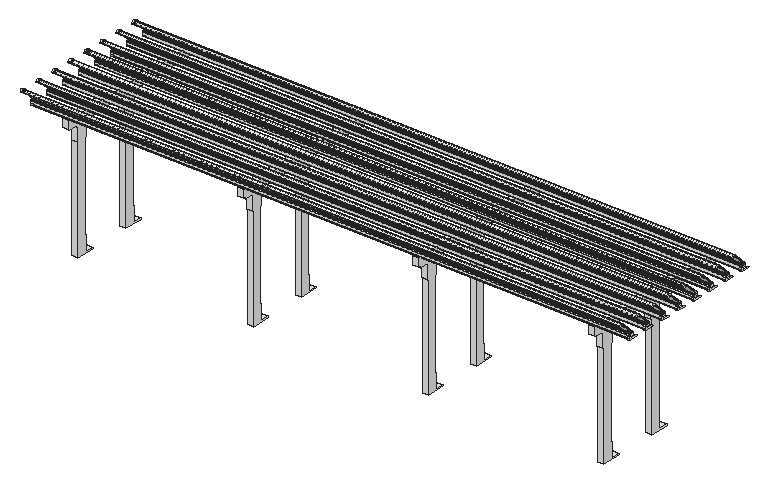
Revit family "Windows_Blinds_Nimex_Solovent_CL1100", category Specialty Equipment, host Face, Revit 2018 (continued)
Definition of nested family "CL1100_800"
  Lines and regions (mm)
    symbolic lines, detail levels fine
      curve 56: arc (0, 749.382, 725.144) -> (0, 749.297, 725.578) -> (0, 749.053, 725.947) r 1.144
      curve 57: line (0, 749.382, 724.352) -> (0, 749.382, 725.144)
      curve 58: arc (0, 749.687, 723.615) -> (0, 749.462, 723.953) -> (0, 749.382, 724.352) r 1.042
      curve 59: line (0, 804.085, 669.218) -> (0, 749.687, 723.615)
      curve 60: arc (0, 804.792, 668.925) -> (0, 804.409, 669.001) -> (0, 804.085, 669.218) r 1
      curve 61: line (0, 805.589, 668.925) -> (0, 804.792, 668.925)
      curve 62: arc (0, 806.418, 668.582) -> (0, 806.038, 668.836) -> (0, 805.589, 668.925) r 1.171
      curve 63: arc (0, 808.157, 665.242) -> (0, 808.201, 666.367) -> (0, 807.651, 667.349) r 2.073
      curve 64: line (0, 804.496, 653.975) -> (0, 808.157, 665.242)
      curve 65: arc (0, 807.862, 667.138) -> (0, 809.929, 659.597) -> (0, 804.496, 653.975) r 7.896
      curve 66: line (0, 797.412, 637) -> (0, 833.314, 637)
      curve 67: arc (0, 795.314, 639.099) -> (0, 795.928, 637.615) -> (0, 797.412, 637) r 2.099
      curve 68: line (0, 795.314, 639.099) -> (0, 795.314, 640)
      curve 78: line (0, 633.014, 720.725) -> (0, 633.792, 721.451)
      curve 93: line (0, 633.826, 722.251) -> (0, 633.12, 723.064)
      curve 94: line (0, 633.969, 723.178) -> (0, 634.427, 722.513)
      curve 95: arc (0, 634.33, 723.972) -> (0, 633.975, 723.654) -> (0, 633.969, 723.178) r 0.593
      curve 96: arc (0, 633.12, 723.064) -> (0, 638.109, 730.158) -> (0, 646.602, 728.398) r 7.9
      curve 97: line (0, 645.726, 727.709) -> (0, 634.33, 723.972)
      curve 98: line (0, 646.602, 728.398) -> (0, 707.862, 667.138)
      curve 99: arc (0, 647.782, 727.218) -> (0, 646.823, 727.754) -> (0, 645.726, 727.709) r 2.018
      curve 100: arc (0, 649.382, 725.144) -> (0, 649.297, 725.578) -> (0, 649.053, 725.947) r 1.144
      curve 101: line (0, 649.382, 724.352) -> (0, 649.382, 725.144)
      curve 102: arc (0, 649.687, 723.615) -> (0, 649.462, 723.953) -> (0, 649.382, 724.352) r 1.042
      curve 103: line (0, 704.085, 669.218) -> (0, 649.687, 723.615)
      curve 104: arc (0, 704.792, 668.925) -> (0, 704.409, 669.001) -> (0, 704.085, 669.218) r 1
      curve 105: line (0, 705.589, 668.925) -> (0, 704.792, 668.925)
      curve 106: arc (0, 706.418, 668.582) -> (0, 706.038, 668.836) -> (0, 705.589, 668.925) r 1.171
      curve 107: arc (0, 708.157, 665.242) -> (0, 708.201, 666.367) -> (0, 707.651, 667.349) r 2.073
      curve 108: line (0, 704.496, 653.975) -> (0, 708.157, 665.242)
      curve 109: arc (0, 707.862, 667.138) -> (0, 709.929, 659.597) -> (0, 704.496, 653.975) r 7.896
      curve 110: line (0, 697.412, 637) -> (0, 733.314, 637)
      curve 111: arc (0, 695.314, 639.099) -> (0, 695.928, 637.615) -> (0, 697.412, 637) r 2.099
      curve 112: line (0, 695.314, 639.099) -> (0, 695.314, 640)
      curve 114: line (0, 733.314, 637) -> (0, 733.314, 640)
      curve 116: arc (0, 634.427, 722.513) -> (0, 634.507, 722.123) -> (0, 634.282, 721.795) r 0.51
      curve 117: arc (0, 633.792, 721.451) -> (0, 633.973, 721.844) -> (0, 633.826, 722.251) r 0.57
      curve 118: line (0, 634.282, 721.795) -> (0, 633.365, 721.052)
      curve 126: line (0, 533.014, 720.725) -> (0, 533.792, 721.451)
      curve 141: line (0, 533.826, 722.251) -> (0, 533.12, 723.064)
      curve 142: line (0, 533.969, 723.178) -> (0, 534.427, 722.513)
      curve 143: arc (0, 534.33, 723.972) -> (0, 533.975, 723.654) -> (0, 533.969, 723.178) r 0.593
      curve 144: arc (0, 533.12, 723.064) -> (0, 538.109, 730.158) -> (0, 546.602, 728.398) r 7.9
      curve 145: line (0, 545.726, 727.709) -> (0, 534.33, 723.972)
      curve 146: line (0, 546.602, 728.398) -> (0, 607.862, 667.138)
      curve 147: arc (0, 547.782, 727.218) -> (0, 546.823, 727.754) -> (0, 545.726, 727.709) r 2.018
      curve 148: arc (0, 549.382, 725.144) -> (0, 549.297, 725.578) -> (0, 549.053, 725.947) r 1.144
      curve 149: line (0, 549.382, 724.352) -> (0, 549.382, 725.144)
      curve 150: arc (0, 549.687, 723.615) -> (0, 549.462, 723.953) -> (0, 549.382, 724.352) r 1.042
      curve 151: line (0, 604.085, 669.218) -> (0, 549.687, 723.615)
      curve 152: arc (0, 604.792, 668.925) -> (0, 604.409, 669.001) -> (0, 604.085, 669.218) r 1
      curve 153: line (0, 605.589, 668.925) -> (0, 604.792, 668.925)
      curve 154: arc (0, 606.418, 668.582) -> (0, 606.038, 668.836) -> (0, 605.589, 668.925) r 1.171
      curve 155: arc (0, 608.157, 665.242) -> (0, 608.201, 666.367) -> (0, 607.651, 667.349) r 2.073
      curve 156: line (0, 604.496, 653.975) -> (0, 608.157, 665.242)
      curve 157: arc (0, 607.862, 667.138) -> (0, 609.929, 659.597) -> (0, 604.496, 653.975) r 7.896
      curve 158: line (0, 597.412, 637) -> (0, 633.314, 637)
      curve 159: arc (0, 595.314, 639.099) -> (0, 595.928, 637.615) -> (0, 597.412, 637) r 2.099
      curve 160: line (0, 595.314, 639.099) -> (0, 595.314, 640)
      curve 162: line (0, 633.314, 637) -> (0, 633.314, 640)
      curve 164: arc (0, 534.427, 722.513) -> (0, 534.507, 722.123) -> (0, 534.282, 721.795) r 0.51
      curve 165: arc (0, 533.792, 721.451) -> (0, 533.973, 721.844) -> (0, 533.826, 722.251) r 0.57
      curve 166: line (0, 534.282, 721.795) -> (0, 533.365, 721.052)
      curve 174: line (0, 433.014, 720.725) -> (0, 433.792, 721.451)
      curve 189: line (0, 433.826, 722.251) -> (0, 433.12, 723.064)
      curve 190: line (0, 433.969, 723.178) -> (0, 434.427, 722.513)
      curve 191: arc (0, 434.33, 723.972) -> (0, 433.975, 723.654) -> (0, 433.969, 723.178) r 0.593
      curve 192: arc (0, 433.12, 723.064) -> (0, 438.109, 730.158) -> (0, 446.602, 728.398) r 7.9
      curve 193: line (0, 445.726, 727.709) -> (0, 434.33, 723.972)
      curve 194: line (0, 446.602, 728.398) -> (0, 507.862, 667.138)
      curve 195: arc (0, 447.782, 727.218) -> (0, 446.823, 727.754) -> (0, 445.726, 727.709) r 2.018
      curve 196: arc (0, 449.382, 725.144) -> (0, 449.297, 725.578) -> (0, 449.053, 725.947) r 1.144
      curve 197: line (0, 449.382, 724.352) -> (0, 449.382, 725.144)
      curve 198: arc (0, 449.687, 723.615) -> (0, 449.462, 723.953) -> (0, 449.382, 724.352) r 1.042
      curve 199: line (0, 504.085, 669.218) -> (0, 449.687, 723.615)
      curve 200: arc (0, 504.792, 668.925) -> (0, 504.409, 669.001) -> (0, 504.085, 669.218) r 1
      curve 201: line (0, 505.589, 668.925) -> (0, 504.792, 668.925)
      curve 202: arc (0, 506.418, 668.582) -> (0, 506.038, 668.836) -> (0, 505.589, 668.925) r 1.171
      curve 203: arc (0, 508.157, 665.242) -> (0, 508.201, 666.367) -> (0, 507.651, 667.349) r 2.073
      curve 204: line (0, 504.496, 653.975) -> (0, 508.157, 665.242)
      curve 205: arc (0, 507.862, 667.138) -> (0, 509.929, 659.597) -> (0, 504.496, 653.975) r 7.896
      curve 206: line (0, 497.412, 637) -> (0, 533.314, 637)
      curve 207: arc (0, 495.314, 639.099) -> (0, 495.928, 637.615) -> (0, 497.412, 637) r 2.099
      curve 208: line (0, 495.314, 639.099) -> (0, 495.314, 640)
      curve 210: line (0, 533.314, 637) -> (0, 533.314, 640)
      curve 212: arc (0, 434.427, 722.513) -> (0, 434.507, 722.123) -> (0, 434.282, 721.795) r 0.51
      curve 213: arc (0, 433.792, 721.451) -> (0, 433.973, 721.844) -> (0, 433.826, 722.251) r 0.57
      curve 214: line (0, 434.282, 721.795) -> (0, 433.365, 721.052)
      curve 222: line (0, 333.014, 720.725) -> (0, 333.792, 721.451)
      curve 237: line (0, 333.826, 722.251) -> (0, 333.12, 723.064)
      curve 238: line (0, 333.969, 723.178) -> (0, 334.427, 722.513)
      curve 239: arc (0, 334.33, 723.972) -> (0, 333.975, 723.654) -> (0, 333.969, 723.178) r 0.593
      curve 240: arc (0, 333.12, 723.064) -> (0, 338.109, 730.158) -> (0, 346.602, 728.398) r 7.9
      curve 241: line (0, 345.726, 727.709) -> (0, 334.33, 723.972)
      curve 242: line (0, 346.602, 728.398) -> (0, 407.862, 667.138)
      curve 243: arc (0, 347.782, 727.218) -> (0, 346.823, 727.754) -> (0, 345.726, 727.709) r 2.018
      curve 244: arc (0, 349.382, 725.144) -> (0, 349.297, 725.578) -> (0, 349.053, 725.947) r 1.144
      curve 245: line (0, 349.382, 724.352) -> (0, 349.382, 725.144)
      curve 246: arc (0, 349.687, 723.615) -> (0, 349.462, 723.953) -> (0, 349.382, 724.352) r 1.042
      curve 247: line (0, 404.085, 669.218) -> (0, 349.687, 723.615)
      curve 248: arc (0, 404.792, 668.925) -> (0, 404.409, 669.001) -> (0, 404.085, 669.218) r 1
      curve 249: line (0, 405.589, 668.925) -> (0, 404.792, 668.925)
      curve 250: arc (0, 406.418, 668.582) -> (0, 406.038, 668.836) -> (0, 405.589, 668.925) r 1.171
      curve 251: arc (0, 408.157, 665.242) -> (0, 408.201, 666.367) -> (0, 407.651, 667.349) r 2.073
      curve 252: line (0, 404.496, 653.975) -> (0, 408.157, 665.242)
      curve 253: arc (0, 407.862, 667.138) -> (0, 409.929, 659.597) -> (0, 404.496, 653.975) r 7.896
      curve 254: line (0, 397.412, 637) -> (0, 433.314, 637)
      curve 255: arc (0, 395.314, 639.099) -> (0, 395.928, 637.615) -> (0, 397.412, 637) r 2.099
      curve 256: line (0, 395.314, 639.099) -> (0, 395.314, 640)
      curve 258: line (0, 433.314, 637) -> (0, 433.314, 640)
      curve 260: arc (0, 334.427, 722.513) -> (0, 334.507, 722.123) -> (0, 334.282, 721.795) r 0.51
      curve 261: arc (0, 333.792, 721.451) -> (0, 333.973, 721.844) -> (0, 333.826, 722.251) r 0.57
      curve 262: line (0, 334.282, 721.795) -> (0, 333.365, 721.052)
      curve 270: line (0, 233.014, 720.725) -> (0, 233.792, 721.451)
      curve 285: line (0, 233.826, 722.251) -> (0, 233.12, 723.064)
      curve 286: line (0, 233.969, 723.178) -> (0, 234.427, 722.513)
      curve 287: arc (0, 234.33, 723.972) -> (0, 233.975, 723.654) -> (0, 233.969, 723.178) r 0.593
      curve 288: arc (0, 233.12, 723.064) -> (0, 238.109, 730.158) -> (0, 246.602, 728.398) r 7.9
      curve 289: line (0, 245.726, 727.709) -> (0, 234.33, 723.972)
      curve 290: line (0, 246.602, 728.398) -> (0, 307.862, 667.138)
      curve 291: arc (0, 247.782, 727.218) -> (0, 246.823, 727.754) -> (0, 245.726, 727.709) r 2.018
      curve 292: arc (0, 249.382, 725.144) -> (0, 249.297, 725.578) -> (0, 249.053, 725.947) r 1.144
      curve 293: line (0, 249.382, 724.352) -> (0, 249.382, 725.144)
      curve 294: arc (0, 249.687, 723.615) -> (0, 249.462, 723.953) -> (0, 249.382, 724.352) r 1.042
      curve 295: line (0, 304.085, 669.218) -> (0, 249.687, 723.615)
      curve 296: arc (0, 304.792, 668.925) -> (0, 304.409, 669.001) -> (0, 304.085, 669.218) r 1
      curve 297: line (0, 305.589, 668.925) -> (0, 304.792, 668.925)
      curve 298: arc (0, 306.418, 668.582) -> (0, 306.038, 668.836) -> (0, 305.589, 668.925) r 1.171
      curve 299: arc (0, 308.157, 665.242) -> (0, 308.201, 666.367) -> (0, 307.651, 667.349) r 2.073
      curve 300: line (0, 304.496, 653.975) -> (0, 308.157, 665.242)
      curve 301: arc (0, 307.862, 667.138) -> (0, 309.929, 659.597) -> (0, 304.496, 653.975) r 7.896
      curve 302: line (0, 297.412, 637) -> (0, 333.314, 637)
      curve 303: arc (0, 295.314, 639.099) -> (0, 295.928, 637.615) -> (0, 297.412, 637) r 2.099
      curve 304: line (0, 295.314, 639.099) -> (0, 295.314, 640)
      curve 306: line (0, 333.314, 637) -> (0, 333.314, 640)
      curve 308: arc (0, 234.427, 722.513) -> (0, 234.507, 722.123) -> (0, 234.282, 721.795) r 0.51
      curve 309: arc (0, 233.792, 721.451) -> (0, 233.973, 721.844) -> (0, 233.826, 722.251) r 0.57
      curve 310: line (0, 234.282, 721.795) -> (0, 233.365, 721.052)
      curve 318: line (0, 133.014, 720.725) -> (0, 133.792, 721.451)
      curve 333: line (0, 133.826, 722.251) -> (0, 133.12, 723.064)
      curve 334: line (0, 133.969, 723.178) -> (0, 134.427, 722.513)
      curve 335: arc (0, 134.33, 723.972) -> (0, 133.975, 723.654) -> (0, 133.969, 723.178) r 0.593
      curve 336: arc (0, 133.12, 723.064) -> (0, 138.109, 730.158) -> (0, 146.602, 728.398) r 7.9
      curve 337: line (0, 145.726, 727.709) -> (0, 134.33, 723.972)
      curve 338: line (0, 146.602, 728.398) -> (0, 207.862, 667.138)
      curve 339: arc (0, 147.782, 727.218) -> (0, 146.823, 727.754) -> (0, 145.726, 727.709) r 2.018
      curve 340: arc (0, 149.382, 725.144) -> (0, 149.297, 725.578) -> (0, 149.053, 725.947) r 1.144
      curve 341: line (0, 149.382, 724.352) -> (0, 149.382, 725.144)
      curve 342: arc (0, 149.687, 723.615) -> (0, 149.462, 723.953) -> (0, 149.382, 724.352) r 1.042
      curve 343: line (0, 204.085, 669.218) -> (0, 149.687, 723.615)
      curve 344: arc (0, 204.792, 668.925) -> (0, 204.409, 669.001) -> (0, 204.085, 669.218) r 1
      curve 345: line (0, 205.589, 668.925) -> (0, 204.792, 668.925)
      curve 346: arc (0, 206.418, 668.582) -> (0, 206.038, 668.836) -> (0, 205.589, 668.925) r 1.171
      curve 347: arc (0, 208.157, 665.242) -> (0, 208.201, 666.367) -> (0, 207.651, 667.349) r 2.073
      curve 348: line (0, 204.496, 653.975) -> (0, 208.157, 665.242)
      curve 349: arc (0, 207.862, 667.138) -> (0, 209.929, 659.597) -> (0, 204.496, 653.975) r 7.896
      curve 350: line (0, 197.412, 637) -> (0, 233.314, 637)
      curve 351: arc (0, 195.314, 639.099) -> (0, 195.928, 637.615) -> (0, 197.412, 637) r 2.099
      curve 352: line (0, 195.314, 639.099) -> (0, 195.314, 640)
      curve 354: line (0, 233.314, 637) -> (0, 233.314, 640)
      curve 356: arc (0, 134.427, 722.513) -> (0, 134.507, 722.123) -> (0, 134.282, 721.795) r 0.51
      curve 357: arc (0, 133.792, 721.451) -> (0, 133.973, 721.844) -> (0, 133.826, 722.251) r 0.57
      curve 358: line (0, 134.282, 721.795) -> (0, 133.365, 721.052)
      curve 365: line (0, 33.014, 720.725) -> (0, 33.792, 721.451)
      curve 380: line (0, 33.826, 722.251) -> (0, 33.12, 723.064)
      curve 381: line (0, 33.969, 723.178) -> (0, 34.427, 722.513)
      curve 382: arc (0, 34.33, 723.972) -> (0, 33.975, 723.654) -> (0, 33.969, 723.178) r 0.593
      curve 383: arc (0, 33.12, 723.064) -> (0, 38.109, 730.158) -> (0, 46.602, 728.398) r 7.9
      curve 384: line (0, 45.726, 727.709) -> (0, 34.33, 723.972)
      curve 385: arc (0, 47.782, 727.218) -> (0, 46.823, 727.754) -> (0, 45.726, 727.709) r 2.018
      curve 386: arc (0, 49.382, 725.144) -> (0, 49.297, 725.578) -> (0, 49.053, 725.947) r 1.144
      curve 387: line (0, 49.382, 724.352) -> (0, 49.382, 725.144)
      curve 388: arc (0, 49.687, 723.615) -> (0, 49.462, 723.953) -> (0, 49.382, 724.352) r 1.042
      curve 389: line (0, 104.085, 669.218) -> (0, 49.687, 723.615)
      curve 390: arc (0, 104.792, 668.925) -> (0, 104.409, 669.001) -> (0, 104.085, 669.218) r 1
      curve 391: line (0, 105.589, 668.925) -> (0, 104.792, 668.925)
      curve 392: arc (0, 106.418, 668.582) -> (0, 106.038, 668.836) -> (0, 105.589, 668.925) r 1.171
      curve 393: arc (0, 108.157, 665.242) -> (0, 108.201, 666.367) -> (0, 107.651, 667.349) r 2.073
      curve 394: line (0, 104.496, 653.975) -> (0, 108.157, 665.242)
      curve 395: arc (0, 107.862, 667.138) -> (0, 109.929, 659.597) -> (0, 104.496, 653.975) r 7.896
      curve 396: line (0, 97.412, 637) -> (0, 133.314, 637)
      curve 397: arc (0, 95.314, 639.099) -> (0, 95.928, 637.615) -> (0, 97.412, 637) r 2.099
      curve 398: line (0, 95.314, 639.099) -> (0, 95.314, 640)
      curve 400: line (0, 133.314, 637) -> (0, 133.314, 640)
      curve 402: arc (0, 34.427, 722.513) -> (0, 34.507, 722.123) -> (0, 34.282, 721.795) r 0.51
      curve 403: arc (0, 33.792, 721.451) -> (0, 33.973, 721.844) -> (0, 33.826, 722.251) r 0.57
      curve 404: line (0, 34.282, 721.795) -> (0, 33.365, 721.052)
      curve 405: arc (0, 431.321, 594) -> (0, 435.559, 592.245) -> (0, 437.314, 588.008) r 5.992
      curve 425: line (0, 533.314, 600) -> (0, 393.314, 600)
      curve 426: line (0, 483.314, 520) -> (0, 483.314, 600)
      curve 427: line (0, 443.314, 520) -> (0, 443.314, 600)
      curve 428: line (0, 483.314, 80) -> (0, 483.314, 0)
      curve 429: line (0, 234.314, 600) -> (0, 94.314, 600)
      curve 430: line (0, 184.314, 520) -> (0, 184.314, 600)
      curve 431: line (0, 144.314, 520) -> (0, 144.314, 600)
      curve 432: line (0, 184.314, 80) -> (0, 184.314, 0)
      curve 434: line (0, 46.602, 728.398) -> (0, 107.862, 667.138)
      curve 444: line (500, 733.314, 0) -> (-500, 733.314, 0)
      curve 445: line (500, 633.314, 0) -> (-500, 633.314, 0)
      curve 446: line (500, 533.314, 0) -> (-500, 533.314, 0)
      curve 447: line (500, 433.314, 0) -> (-500, 433.314, 0)
      curve 448: line (500, 333.314, 0) -> (-500, 333.314, 0)
      curve 449: line (500, 233.314, 0) -> (-500, 233.314, 0)
      curve 450: line (500, 133.314, 0) -> (-500, 133.314, 0)
    symbolic lines, not visible, detail levels medium+fine
      curve 455: line (-830, 0, 637) -> (-830, 0, 0)
      curve 456: line (-800, 0, 0) -> (-800, 0, 637)
      curve 457: line (-800, 0, 0) -> (-830, 0, 0)
  Dimensions and locks
    equal spacing: plane 4, plane 3 "Center (Left/Right)", plane 5
    "Length": plane 4 to plane 5
    locked: plane 4 to plane 6 at 170
    locked: plane 6 to plane 7 at 30
    locked: plane 11 to plane 12 at 30
    group 1 to group 3 = 630 mm
    group 1 to group 3 = 0 mm  (x2)
    "ArrayDistance": plane 6 to plane 11
    aligned and locked: level to plane 2
    aligned and locked: plane 4 to Extrusion 2
    aligned and locked: plane 5 to Extrusion 2
    aligned and locked: plane 5 to Extrusion 1
    aligned and locked: plane 4 to Extrusion 1
    aligned and locked: plane 6 to Extrusion 3
    aligned and locked: Extrusion 3 to plane 7
    aligned and locked: plane 11 to Extrusion 5
    aligned and locked: Extrusion 5 to plane 12
  Automatic sketch dimensions
    curve 405 to curve 406 = 0 mm  (x2)
    curve 419 to level = 0 mm
    curve 7 to level = 0 mm
    plane 8 to curve 366 = 4.521 mm
    curve 366 to plane 1 "Center (Front/Back)" = 30.792 mm
    curve 366 to curve 364 = 1.747 mm
    plane 8 to curve 365 = 11.387 mm
    curve 364 to curve 365 = 0.475 mm
    plane 8 to curve 380 = 9.048 mm
    curve 364 to curve 380 = 0.581 mm
    curve 364 to curve 403 = 0.864 mm
    curve 365 to curve 367 = 0.735 mm
    plane 8 to curve 365 = 10.661 mm
    curve 403 to curve 365 = 0.389 mm
    plane 8 to curve 380 = 9.861 mm
    curve 403 to curve 380 = 0.423 mm
    plane 8 to curve 381 = 8.934 mm
    curve 383 to curve 381 = 0.85 mm
    curve 380 to curve 402 = 0.181 mm
    plane 8 to curve 404 = 10.317 mm
    curve 402 to curve 404 = 0.275 mm
    plane 8 to curve 384 = 8.139 mm
    curve 381 to curve 384 = 0.361 mm
    plane 8 to curve 381 = 9.599 mm
    curve 402 to curve 381 = 0.42 mm
    curve 384 to curve 382 = 0.185 mm
    plane 8 to curve 369 = 9.606 mm
    curve 381 to curve 369 = 3.376 mm
    curve 368 to curve 368 = 0.927 mm
    curve 368 to curve 383 = 3.213 mm
    curve 383 to curve 363 = 0 mm  (x2)
    plane 8 to curve 369 = 7.038 mm
    curve 363 to curve 369 = 4.693 mm
    plane 8 to curve 384 = 4.403 mm
    curve 369 to curve 384 = 0.018 mm
    curve 370 to curve 370 = 0.277 mm
    curve 369 to curve 385 = 0.647 mm
    plane 8 to curve 434 = 3.714 mm
    curve 385 to curve 434 = 0.876 mm
    curve 370 to curve 371 = 0.897 mm
    plane 8 to curve 373 = 9.534 mm
    curve 371 to curve 373 = 0.296 mm
    plane 8 to curve 433 = 2.724 mm
    curve 383 to curve 433 = 0.99 mm
    curve 372 to curve 372 = 0.761 mm
    curve 370 to curve 386 = 1.356 mm
    curve 386 to curve 387 = 1.144 mm
    plane 8 to curve 389 = 8.496 mm
    curve 387 to curve 389 = 0.305 mm
    curve 389 to curve 388 = 0.737 mm
    curve 453 to plane 1 "Center (Front/Back)" = 84.314 mm
    curve 453 to curve 424 = 10 mm
    curve 399 to curve 379 = 11 mm
    curve 378 to curve 377 = 2.004 mm
    curve 398 to curve 396 = 2.099 mm
    curve 377 to curve 376 = 1.505 mm
    curve 397 to curve 361 = 2.901 mm
    curve 376 to curve 374 = 2.578 mm
    curve 361 to curve 401 = 1.233 mm
    plane 8 to curve 375 = 72.781 mm
    curve 376 to curve 375 = 3.208 mm
    curve 374 to curve 362 = 0.876 mm
    curve 362 to curve 395 = 0.003 mm  (x2)
    plane 8 to curve 373 = 67.212 mm
    curve 374 to curve 373 = 1.375 mm
    curve 395 to curve 375 = 0.939 mm
    curve 373 to curve 389 = 1.309 mm
    plane 8 to curve 394 = 78.137 mm
    curve 401 to curve 394 = 2.949 mm
    curve 389 to curve 391 = 0.707 mm
    curve 390 to curve 390 = 0.707 mm
    curve 391 to curve 392 = 0.797 mm
    curve 392 to curve 393 = 0.596 mm
    curve 393 to curve 434 = 1.677 mm
    curve 395 to curve 394 = 0.295 mm
    curve 434 to curve 433 = 0.99 mm  (x2)
    plane 8 to curve 319 = 4.521 mm
    curve 390 to curve 319 = 26 mm
    curve 395 to curve 359 = 26.967 mm
    curve 423 to curve 423 = 38.008 mm
    curve 319 to curve 317 = 1.747 mm
    plane 8 to curve 318 = 11.387 mm
    curve 317 to curve 318 = 0.475 mm
    plane 8 to curve 333 = 9.048 mm
    curve 317 to curve 333 = 0.581 mm
    curve 359 to curve 353 = 1.851 mm
    curve 317 to curve 357 = 0.864 mm
    curve 318 to curve 320 = 0.735 mm
    plane 8 to curve 318 = 10.661 mm
    curve 357 to curve 318 = 0.389 mm
    plane 8 to curve 333 = 9.861 mm
    curve 357 to curve 333 = 0.423 mm
    plane 8 to curve 334 = 8.934 mm
    curve 333 to curve 334 = 0.85 mm
    curve 333 to curve 356 = 0.181 mm
    plane 8 to curve 358 = 10.317 mm
    curve 356 to curve 358 = 0.275 mm
    plane 8 to curve 337 = 8.139 mm
    curve 334 to curve 337 = 0.361 mm
    plane 8 to curve 334 = 9.599 mm
    curve 356 to curve 334 = 0.42 mm
    curve 337 to curve 335 = 0.185 mm
    plane 8 to curve 322 = 9.606 mm
    curve 356 to curve 322 = 3.376 mm
    curve 422 to curve 421 = 5.992 mm
    curve 321 to curve 321 = 0.927 mm
    curve 321 to curve 336 = 3.213 mm
    curve 336 to curve 316 = 0 mm  (x2)
    curve 420 to curve 419 = 6 mm
    plane 8 to curve 322 = 7.038 mm
    curve 316 to curve 322 = 4.693 mm
    plane 8 to curve 337 = 4.403 mm
    curve 322 to curve 337 = 0.018 mm
    curve 323 to curve 323 = 0.277 mm
    curve 322 to curve 339 = 0.647 mm
    plane 8 to curve 338 = 3.714 mm
    curve 339 to curve 338 = 0.876 mm
    curve 323 to curve 324 = 0.897 mm
    plane 8 to curve 326 = 9.534 mm
    curve 324 to curve 326 = 0.296 mm
    plane 8 to curve 315 = 2.724 mm
    curve 336 to curve 315 = 0.99 mm
    curve 325 to curve 325 = 0.761 mm
    curve 323 to curve 340 = 1.356 mm
    curve 340 to curve 341 = 1.144 mm
    plane 8 to curve 343 = 8.496 mm
    curve 341 to curve 343 = 0.305 mm
    curve 343 to curve 342 = 0.737 mm
    curve 419 to curve 430 = 40 mm
    curve 412 to curve 414 = 6 mm
    curve 411 to curve 411 = 6 mm
    curve 430 to curve 352 = 11 mm
    curve 414 to curve 415 = 5 mm
    curve 409 to curve 408 = 6 mm
    curve 332 to curve 330 = 2.004 mm
    curve 351 to curve 351 = 2.099 mm
    curve 331 to curve 329 = 1.505 mm
    curve 351 to curve 312 = 2.901 mm
    curve 329 to curve 327 = 2.578 mm
    curve 313 to curve 355 = 1.233 mm
    plane 8 to curve 328 = 72.781 mm
    curve 329 to curve 328 = 3.208 mm
    curve 327 to curve 314 = 0.876 mm
    curve 314 to curve 349 = 0.003 mm  (x2)
    plane 8 to curve 326 = 67.212 mm
    curve 327 to curve 326 = 1.375 mm
    plane 8 to curve 328 = 69.128 mm
    curve 349 to curve 328 = 0.939 mm
    plane 8 to curve 343 = 62.894 mm
    curve 327 to curve 343 = 1.309 mm
    plane 8 to curve 348 = 78.137 mm
    curve 355 to curve 348 = 2.949 mm
    curve 344 to curve 345 = 0.707 mm
    curve 344 to curve 344 = 0.707 mm
    curve 344 to curve 346 = 0.797 mm
    curve 346 to curve 347 = 0.596 mm
    plane 8 to curve 338 = 64.974 mm
    curve 347 to curve 338 = 1.677 mm
    plane 8 to curve 348 = 66.87 mm
    curve 349 to curve 348 = 0.295 mm
    plane 8 to curve 315 = 63.984 mm
    curve 338 to curve 315 = 0.99 mm
    plane 8 to curve 271 = 4.521 mm
    curve 344 to curve 271 = 26 mm
    curve 348 to curve 311 = 26.967 mm
    curve 271 to curve 269 = 1.747 mm
    plane 8 to curve 270 = 11.387 mm
    curve 269 to curve 270 = 0.475 mm
    plane 8 to curve 285 = 9.048 mm
    curve 269 to curve 285 = 0.581 mm
    curve 311 to curve 354 = 1.851 mm
    curve 269 to curve 309 = 0.864 mm
    curve 270 to curve 272 = 0.735 mm
    plane 8 to curve 270 = 10.661 mm
    curve 309 to curve 270 = 0.389 mm
    plane 8 to curve 285 = 9.861 mm
    curve 309 to curve 285 = 0.423 mm
    plane 8 to curve 286 = 8.934 mm
    curve 288 to curve 286 = 0.85 mm
    curve 285 to curve 308 = 0.181 mm
    plane 8 to curve 310 = 10.317 mm
    curve 308 to curve 310 = 0.275 mm
    curve 350 to curve 19 = 1 mm
    level to curve 416 = 6 mm
    curve 415 to curve 416 = 39 mm
    plane 8 to curve 289 = 8.139 mm
    curve 286 to curve 289 = 0.361 mm
    plane 8 to curve 286 = 9.599 mm
    curve 308 to curve 286 = 0.42 mm
    curve 289 to curve 287 = 0.185 mm
    plane 8 to curve 274 = 9.606 mm
    curve 308 to curve 274 = 3.376 mm
    curve 273 to curve 273 = 0.927 mm
    curve 273 to curve 288 = 3.213 mm
    curve 288 to curve 268 = 0 mm  (x2)
    plane 8 to curve 274 = 7.038 mm
    curve 268 to curve 274 = 4.693 mm
    plane 8 to curve 289 = 4.403 mm
    curve 274 to curve 289 = 0.018 mm
    curve 275 to curve 275 = 0.277 mm
    curve 274 to curve 291 = 0.647 mm
    plane 8 to curve 290 = 3.714 mm
    curve 291 to curve 290 = 0.876 mm
    curve 275 to curve 276 = 0.897 mm
    plane 8 to curve 278 = 9.534 mm
    curve 276 to curve 278 = 0.296 mm
    plane 8 to curve 267 = 2.724 mm
    curve 288 to curve 267 = 0.99 mm
    curve 277 to curve 277 = 0.761 mm
    curve 275 to curve 292 = 1.356 mm
    curve 292 to curve 293 = 1.144 mm
    plane 8 to curve 295 = 8.496 mm
    curve 293 to curve 295 = 0.305 mm
    curve 295 to curve 294 = 0.737 mm
    curve 305 to curve 284 = 62 mm
    curve 283 to curve 283 = 2.004 mm
    curve 304 to curve 303 = 2.099 mm
    curve 283 to curve 282 = 1.505 mm
    curve 303 to curve 265 = 2.901 mm
    curve 281 to curve 279 = 2.578 mm
    curve 265 to curve 307 = 1.233 mm
    plane 8 to curve 280 = 72.781 mm
    curve 281 to curve 280 = 3.208 mm
    curve 279 to curve 266 = 0.876 mm
    curve 266 to curve 301 = 0.003 mm  (x2)
    plane 8 to curve 278 = 67.212 mm
    curve 279 to curve 278 = 1.375 mm
    plane 8 to curve 280 = 69.128 mm
    curve 301 to curve 280 = 0.939 mm
    plane 8 to curve 295 = 62.894 mm
    curve 279 to curve 295 = 1.309 mm
    plane 8 to curve 300 = 78.137 mm
    curve 307 to curve 300 = 2.949 mm
    curve 296 to curve 296 = 0.707 mm
    curve 295 to curve 297 = 0.707 mm
    curve 296 to curve 297 = 0.797 mm
    curve 298 to curve 299 = 0.596 mm
    plane 8 to curve 290 = 64.974 mm
    curve 299 to curve 290 = 1.677 mm
    plane 8 to curve 300 = 66.87 mm
    curve 290 to curve 300 = 0.295 mm
    plane 8 to curve 267 = 63.984 mm
    curve 301 to curve 267 = 0.99 mm
    plane 8 to curve 223 = 4.521 mm
    curve 296 to curve 223 = 26 mm
    curve 300 to curve 264 = 26.967 mm
    curve 223 to curve 221 = 1.747 mm
    plane 8 to curve 222 = 11.387 mm
    curve 221 to curve 222 = 0.475 mm
    plane 8 to curve 237 = 9.048 mm
    curve 221 to curve 237 = 0.581 mm
    curve 263 to curve 306 = 1.851 mm
    curve 221 to curve 261 = 0.864 mm
    curve 222 to curve 224 = 0.735 mm
    plane 8 to curve 222 = 10.661 mm
    curve 261 to curve 222 = 0.389 mm
    plane 8 to curve 237 = 9.861 mm
    curve 261 to curve 237 = 0.423 mm
    plane 8 to curve 238 = 8.934 mm
    curve 240 to curve 238 = 0.85 mm
    curve 237 to curve 260 = 0.181 mm
    plane 8 to curve 262 = 10.317 mm
    curve 260 to curve 262 = 0.275 mm
    plane 8 to curve 241 = 8.139 mm
    curve 238 to curve 241 = 0.361 mm
    plane 8 to curve 238 = 9.599 mm
    curve 260 to curve 238 = 0.42 mm
    curve 241 to curve 239 = 0.185 mm
    plane 8 to curve 226 = 9.606 mm
    curve 238 to curve 226 = 3.376 mm
    curve 225 to curve 225 = 0.927 mm
    curve 225 to curve 240 = 3.213 mm
    curve 240 to curve 220 = 0 mm  (x2)
    plane 8 to curve 226 = 7.038 mm
    curve 220 to curve 226 = 4.693 mm
    plane 8 to curve 241 = 4.403 mm
    curve 227 to curve 241 = 0.018 mm
    curve 227 to curve 227 = 0.277 mm
    curve 227 to curve 243 = 0.647 mm
    plane 8 to curve 242 = 3.714 mm
    curve 243 to curve 242 = 0.876 mm
    curve 227 to curve 228 = 0.897 mm
    plane 8 to curve 230 = 9.534 mm
    curve 228 to curve 230 = 0.296 mm
    plane 8 to curve 219 = 2.724 mm
    curve 240 to curve 219 = 0.99 mm
    curve 229 to curve 229 = 0.761 mm
    curve 227 to curve 244 = 1.356 mm
    curve 244 to curve 245 = 1.144 mm
    plane 8 to curve 247 = 8.496 mm
    curve 245 to curve 247 = 0.305 mm
    curve 247 to curve 246 = 0.737 mm
    curve 302 to curve 16 = 60 mm
    curve 16 to curve 236 = 2 mm
    curve 235 to curve 235 = 2.004 mm
    curve 255 to curve 255 = 2.099 mm
    curve 235 to curve 233 = 1.505 mm
    curve 255 to curve 216 = 2.901 mm
    curve 233 to curve 231 = 2.578 mm
    curve 217 to curve 259 = 1.233 mm
    plane 8 to curve 232 = 72.781 mm
    curve 233 to curve 232 = 3.208 mm
    curve 231 to curve 218 = 0.876 mm
    curve 218 to curve 253 = 0.003 mm  (x2)
    plane 8 to curve 230 = 67.212 mm
    curve 231 to curve 230 = 1.375 mm
    plane 8 to curve 232 = 69.128 mm
    curve 253 to curve 232 = 0.939 mm
    plane 8 to curve 247 = 62.894 mm
    curve 231 to curve 247 = 1.309 mm
    plane 8 to curve 252 = 78.137 mm
    curve 259 to curve 252 = 2.949 mm
    curve 247 to curve 249 = 0.707 mm
    curve 247 to curve 248 = 0.707 mm
    curve 248 to curve 250 = 0.797 mm
    curve 250 to curve 251 = 0.596 mm
    plane 8 to curve 242 = 64.974 mm
    curve 251 to curve 242 = 1.677 mm
    plane 8 to curve 252 = 66.87 mm
    curve 242 to curve 252 = 0.295 mm
    plane 8 to curve 219 = 63.984 mm
    curve 253 to curve 219 = 0.99 mm
    plane 8 to curve 175 = 4.521 mm
    curve 248 to curve 175 = 26 mm
    curve 15 to curve 405 = 38.008 mm
    curve 253 to curve 216 = 26.967 mm
    curve 175 to curve 173 = 1.747 mm
    plane 8 to curve 174 = 11.387 mm
    curve 173 to curve 174 = 0.475 mm
    plane 8 to curve 189 = 9.048 mm
    curve 173 to curve 189 = 0.581 mm
    curve 215 to curve 209 = 1.851 mm
    curve 173 to curve 213 = 0.864 mm
    curve 174 to curve 176 = 0.735 mm
    plane 8 to curve 174 = 10.661 mm
    curve 213 to curve 174 = 0.389 mm
    plane 8 to curve 189 = 9.861 mm
    curve 213 to curve 189 = 0.423 mm
    plane 8 to curve 190 = 8.934 mm
    curve 192 to curve 190 = 0.85 mm
    curve 189 to curve 212 = 0.181 mm
    plane 8 to curve 214 = 10.317 mm
    curve 212 to curve 214 = 0.275 mm
    plane 8 to curve 193 = 8.139 mm
    curve 190 to curve 193 = 0.361 mm
    plane 8 to curve 190 = 9.599 mm
    curve 212 to curve 190 = 0.42 mm
    curve 193 to curve 191 = 0.185 mm
    curve 405 to curve 11 = 5.992 mm
    plane 8 to curve 178 = 9.606 mm
    curve 190 to curve 178 = 3.376 mm
    curve 177 to curve 177 = 0.927 mm
    curve 177 to curve 192 = 3.213 mm
    curve 192 to curve 172 = 0 mm  (x2)
    curve 417 to curve 7 = 209 mm
    plane 8 to curve 178 = 7.038 mm
    curve 172 to curve 178 = 4.693 mm
    plane 8 to curve 193 = 4.403 mm
    curve 179 to curve 193 = 0.018 mm
    curve 178 to curve 179 = 0.277 mm
    curve 179 to curve 195 = 0.647 mm
    plane 8 to curve 194 = 3.714 mm
    curve 193 to curve 194 = 0.876 mm
    curve 179 to curve 180 = 0.897 mm
    plane 8 to curve 182 = 9.534 mm
    curve 181 to curve 182 = 0.296 mm
    plane 8 to curve 171 = 2.724 mm
    curve 192 to curve 171 = 0.99 mm
    curve 182 to curve 181 = 0.761 mm
    curve 179 to curve 196 = 1.356 mm
    curve 196 to curve 197 = 1.144 mm
    plane 8 to curve 199 = 8.496 mm
    curve 197 to curve 199 = 0.305 mm
    curve 199 to curve 198 = 0.737 mm
    curve 7 to curve 4 = 40 mm
    curve 5 to curve 9 = 6 mm
    curve 428 to curve 3 = 6 mm
    curve 3 to curve 2 = 5 mm
    curve 426 to curve 188 = 12 mm
    curve 12 to curve 13 = 6 mm
    curve 187 to curve 186 = 2.004 mm
    curve 207 to curve 206 = 2.099 mm
    curve 187 to curve 185 = 1.505 mm
    curve 187 to curve 169 = 2.996 mm
    curve 185 to curve 183 = 2.578 mm
    curve 169 to curve 211 = 1.233 mm
    plane 8 to curve 184 = 72.781 mm
    curve 185 to curve 184 = 3.208 mm
    curve 183 to curve 170 = 0.876 mm
    curve 170 to curve 205 = 0.003 mm  (x2)
    plane 8 to curve 182 = 67.212 mm
    curve 183 to curve 182 = 1.375 mm
    plane 8 to curve 184 = 69.128 mm
    curve 205 to curve 184 = 0.939 mm
    plane 8 to curve 199 = 62.894 mm
    curve 183 to curve 199 = 1.309 mm
    plane 8 to curve 204 = 78.137 mm
    curve 211 to curve 204 = 2.949 mm
    curve 199 to curve 200 = 0.707 mm
    curve 199 to curve 201 = 0.707 mm
    curve 200 to curve 202 = 0.797 mm
    curve 202 to curve 203 = 0.596 mm
    plane 8 to curve 194 = 64.974 mm
    curve 203 to curve 194 = 1.677 mm
    plane 8 to curve 204 = 66.87 mm
    curve 194 to curve 204 = 0.295 mm
    plane 8 to curve 171 = 63.984 mm
    curve 194 to curve 171 = 0.99 mm
    plane 8 to curve 127 = 4.521 mm
    curve 200 to curve 127 = 26 mm
    curve 204 to curve 167 = 26.967 mm
    curve 127 to curve 125 = 1.747 mm
    plane 8 to curve 126 = 11.387 mm
    curve 125 to curve 126 = 0.475 mm
    plane 8 to curve 141 = 9.048 mm
    curve 125 to curve 141 = 0.581 mm
    level to curve 1 = 6 mm
    curve 1 to curve 1 = 39 mm
    curve 14 to curve 425 = 38 mm
    curve 167 to curve 210 = 1.851 mm
    curve 125 to curve 165 = 0.864 mm
    curve 126 to curve 128 = 0.735 mm
    plane 8 to curve 126 = 10.661 mm
    curve 165 to curve 126 = 0.389 mm
    plane 8 to curve 141 = 9.861 mm
    curve 165 to curve 141 = 0.423 mm
    plane 8 to curve 142 = 8.934 mm
    curve 144 to curve 142 = 0.85 mm
    curve 141 to curve 164 = 0.181 mm
    plane 8 to curve 166 = 10.317 mm
    curve 164 to curve 166 = 0.275 mm
    plane 8 to curve 145 = 8.139 mm
    curve 142 to curve 145 = 0.361 mm
    plane 8 to curve 142 = 9.599 mm
    curve 164 to curve 142 = 0.42 mm
    curve 145 to curve 143 = 0.185 mm
    plane 8 to curve 130 = 9.606 mm
    curve 142 to curve 130 = 3.376 mm
    curve 129 to curve 129 = 0.927 mm
    curve 129 to curve 144 = 3.213 mm
    curve 144 to curve 124 = 0 mm  (x2)
    plane 8 to curve 130 = 7.038 mm
    curve 124 to curve 130 = 4.693 mm
    plane 8 to curve 145 = 4.403 mm
    curve 130 to curve 145 = 0.018 mm
    curve 131 to curve 131 = 0.277 mm
    curve 131 to curve 147 = 0.647 mm
    plane 8 to curve 146 = 3.714 mm
    curve 147 to curve 146 = 0.876 mm
    curve 131 to curve 132 = 0.897 mm
    plane 8 to curve 134 = 9.534 mm
    curve 132 to curve 134 = 0.296 mm
    plane 8 to curve 123 = 2.724 mm
    curve 146 to curve 123 = 0.99 mm
    curve 133 to curve 133 = 0.761 mm
    curve 131 to curve 148 = 1.356 mm
    curve 148 to curve 149 = 1.144 mm
    plane 8 to curve 151 = 8.496 mm
    curve 149 to curve 151 = 0.305 mm
    curve 151 to curve 150 = 0.737 mm
    curve 161 to curve 160 = 62 mm
    curve 139 to curve 139 = 2.004 mm
    curve 160 to curve 158 = 2.099 mm
    curve 138 to curve 137 = 1.505 mm
    curve 139 to curve 121 = 2.996 mm
    curve 137 to curve 135 = 2.578 mm
    curve 121 to curve 163 = 1.233 mm
    plane 8 to curve 136 = 72.781 mm
    curve 137 to curve 136 = 3.208 mm
    curve 135 to curve 122 = 0.876 mm
    curve 122 to curve 157 = 0.003 mm  (x2)
    plane 8 to curve 134 = 67.212 mm
    curve 135 to curve 134 = 1.375 mm
    plane 8 to curve 136 = 69.128 mm
    curve 157 to curve 136 = 0.939 mm
    plane 8 to curve 151 = 62.894 mm
    curve 135 to curve 151 = 1.309 mm
    plane 8 to curve 156 = 78.137 mm
    curve 163 to curve 156 = 2.949 mm
    curve 151 to curve 153 = 0.707 mm
    curve 151 to curve 152 = 0.707 mm
    curve 152 to curve 154 = 0.797 mm
    curve 154 to curve 155 = 0.596 mm
    plane 8 to curve 146 = 64.974 mm
    curve 155 to curve 146 = 1.677 mm
    plane 8 to curve 156 = 66.87 mm
    curve 157 to curve 156 = 0.295 mm
    plane 8 to curve 123 = 63.984 mm
    curve 157 to curve 123 = 0.99 mm
    plane 8 to curve 79 = 4.521 mm
    curve 152 to curve 79 = 26 mm
    curve 157 to curve 119 = 26.967 mm
    curve 79 to curve 77 = 1.747 mm
    plane 8 to curve 78 = 11.387 mm
    curve 77 to curve 78 = 0.475 mm
    plane 8 to curve 93 = 9.048 mm
    curve 77 to curve 93 = 0.581 mm
    curve 119 to curve 158 = 1.851 mm
    curve 77 to curve 117 = 0.864 mm
    curve 78 to curve 80 = 0.735 mm
    plane 8 to curve 78 = 10.661 mm
    curve 117 to curve 78 = 0.389 mm
    plane 8 to curve 93 = 9.861 mm
    curve 117 to curve 93 = 0.423 mm
    plane 8 to curve 94 = 8.934 mm
    curve 96 to curve 94 = 0.85 mm
    curve 93 to curve 116 = 0.181 mm
    plane 8 to curve 118 = 10.317 mm
    curve 116 to curve 118 = 0.275 mm
    plane 8 to curve 97 = 8.139 mm
    curve 94 to curve 97 = 0.361 mm
    plane 8 to curve 94 = 9.599 mm
    curve 116 to curve 94 = 0.42 mm
    curve 97 to curve 95 = 0.185 mm
    plane 8 to curve 82 = 9.606 mm
    curve 94 to curve 82 = 3.376 mm
    curve 81 to curve 81 = 0.927 mm
    curve 81 to curve 96 = 3.213 mm
    curve 96 to curve 76 = 0 mm  (x2)
    plane 8 to curve 82 = 7.038 mm
    curve 76 to curve 82 = 4.693 mm
    plane 8 to curve 97 = 4.403 mm
    curve 83 to curve 97 = 0.018 mm
    curve 82 to curve 83 = 0.277 mm
    curve 83 to curve 99 = 0.647 mm
    plane 8 to curve 98 = 3.714 mm
    curve 97 to curve 98 = 0.876 mm
    curve 83 to curve 84 = 0.897 mm
    plane 8 to curve 86 = 9.534 mm
    curve 84 to curve 86 = 0.296 mm
    plane 8 to curve 75 = 2.724 mm
    curve 96 to curve 75 = 0.99 mm
    curve 85 to curve 85 = 0.761 mm
    curve 83 to curve 100 = 1.356 mm
    curve 100 to curve 101 = 1.144 mm
    plane 8 to curve 103 = 8.496 mm
    curve 101 to curve 103 = 0.305 mm
    curve 103 to curve 102 = 0.737 mm
    curve 113 to curve 92 = 62 mm
    curve 91 to curve 91 = 2.004 mm
    curve 111 to curve 110 = 2.099 mm
    curve 90 to curve 90 = 1.505 mm
    curve 91 to curve 73 = 2.996 mm
    curve 89 to curve 87 = 2.578 mm
    curve 73 to curve 115 = 1.233 mm
    plane 8 to curve 88 = 72.781 mm
    curve 89 to curve 88 = 3.208 mm
    curve 87 to curve 74 = 0.876 mm
    curve 74 to curve 109 = 0.003 mm  (x2)
    plane 8 to curve 86 = 67.212 mm
    curve 87 to curve 86 = 1.375 mm
    plane 8 to curve 88 = 69.128 mm
    curve 109 to curve 88 = 0.939 mm
    plane 8 to curve 103 = 62.894 mm
    curve 87 to curve 103 = 1.309 mm
    plane 8 to curve 108 = 78.137 mm
    curve 115 to curve 108 = 2.949 mm
    curve 103 to curve 104 = 0.707 mm
    curve 104 to curve 105 = 0.707 mm
    curve 104 to curve 106 = 0.797 mm
    curve 106 to curve 107 = 0.596 mm
    plane 8 to curve 98 = 64.974 mm
    curve 107 to curve 98 = 1.677 mm
    plane 8 to curve 108 = 66.87 mm
    curve 109 to curve 108 = 0.295 mm
    plane 8 to curve 75 = 63.984 mm
    curve 109 to curve 75 = 0.99 mm
    plane 8 to curve 31 = 4.521 mm
    curve 104 to curve 31 = 26 mm
    curve 109 to curve 71 = 26.967 mm
    curve 31 to curve 29 = 1.747 mm
    plane 8 to curve 30 = 11.387 mm
    curve 29 to curve 30 = 0.475 mm
    plane 8 to curve 49 = 9.048 mm
    curve 29 to curve 49 = 0.581 mm
    curve 29 to curve 47 = 0.747 mm
    curve 71 to curve 110 = 1.851 mm
    curve 47 to curve 46 = 0.131 mm
    curve 30 to curve 32 = 0.735 mm
    plane 8 to curve 30 = 10.661 mm
    curve 46 to curve 30 = 0.376 mm
    curve 46 to curve 45 = 0.399 mm
    plane 8 to curve 49 = 9.861 mm
    curve 45 to curve 49 = 0.011 mm
    plane 8 to curve 50 = 8.934 mm
    curve 45 to curve 50 = 0.154 mm
    plane 8 to curve 48 = 10.236 mm
    curve 46 to curve 48 = 0.423 mm
    plane 8 to curve 53 = 8.139 mm
    curve 50 to curve 53 = 0.361 mm
    plane 8 to curve 50 = 9.599 mm
    curve 45 to curve 50 = 0.612 mm
    curve 53 to curve 51 = 0.185 mm
    plane 8 to curve 34 = 9.606 mm
    curve 45 to curve 34 = 3.376 mm
    curve 33 to curve 33 = 0.927 mm
    curve 33 to curve 52 = 3.213 mm
    curve 52 to curve 28 = 0 mm  (x2)
    plane 8 to curve 34 = 7.038 mm
    curve 28 to curve 34 = 4.693 mm
    plane 8 to curve 53 = 4.403 mm
    curve 35 to curve 53 = 0.018 mm
    curve 34 to curve 35 = 0.277 mm
    curve 35 to curve 55 = 0.647 mm
    plane 8 to curve 54 = 3.714 mm
    curve 55 to curve 54 = 0.876 mm
    curve 35 to curve 36 = 0.897 mm
    plane 8 to curve 38 = 9.534 mm
    curve 36 to curve 38 = 0.296 mm
    plane 8 to curve 27 = 2.724 mm
    curve 54 to curve 27 = 0.99 mm  (x2)
    curve 37 to curve 37 = 0.761 mm
    curve 35 to curve 56 = 1.356 mm
    curve 56 to curve 57 = 1.144 mm
    plane 8 to curve 59 = 8.496 mm
    curve 58 to curve 59 = 0.305 mm
    curve 58 to curve 58 = 0.737 mm
    curve 69 to curve 68 = 62 mm
    curve 43 to curve 43 = 2.004 mm
    curve 67 to curve 67 = 2.099 mm
    curve 43 to curve 42 = 1.505 mm
    curve 67 to curve 22 = 2.901 mm
    plane 8 to curve 26 = 80.116 mm
    curve 23 to curve 26 = 0.307 mm
    plane 8 to curve 26 = 79.768 mm
    curve 25 to curve 26 = 0.348 mm
    curve 26 to curve 25 = 0.741 mm
    curve 41 to curve 39 = 2.578 mm
    plane 8 to curve 40 = 72.781 mm
    curve 41 to curve 40 = 3.208 mm
    curve 39 to curve 24 = 0.876 mm
    curve 24 to curve 65 = 0.003 mm
    plane 8 to curve 38 = 67.212 mm
    curve 39 to curve 38 = 1.375 mm
    plane 8 to curve 40 = 69.128 mm
    curve 65 to curve 40 = 0.939 mm
    plane 8 to curve 59 = 62.894 mm
    curve 39 to curve 59 = 1.309 mm
    plane 8 to curve 64 = 78.137 mm
    curve 26 to curve 64 = 3.527 mm
    curve 60 to curve 60 = 0.707 mm
    curve 59 to curve 61 = 0.707 mm
    curve 61 to curve 61 = 0.797 mm
    curve 62 to curve 63 = 0.596 mm
    plane 8 to curve 54 = 64.974 mm
    curve 63 to curve 54 = 1.677 mm
    plane 8 to curve 64 = 66.87 mm
    curve 65 to curve 64 = 0.295 mm
    plane 8 to curve 27 = 63.984 mm
    curve 65 to curve 22 = 26.967 mm
    curve 21 to curve 18 = 1.851 mm
    curve 2 to curve 428 = 69 mm
    curve 415 to curve 413 = 69 mm
    curve 9 to curve 205 = 133.975 mm
    curve 10 to curve 5 = 0 mm
    curve 419 to curve 395 = 133.975 mm
    curve 419 to curve 411 = 0 mm
    curve 409 to curve 349 = 65.975 mm
    curve 13 to curve 205 = 65.975 mm
    curve 13 to curve 11 = 0.008 mm
    curve 410 to curve 421 = 0.008 mm
    curve 423 to curve 424 = 6 mm
    curve 20 to curve 65 = 16.975 mm
    curve 110 to curve 109 = 16.975 mm
    curve 400 to curve 395 = 16.975 mm
    curve 158 to curve 157 = 16.975 mm
    curve 206 to curve 205 = 16.975 mm
    curve 354 to curve 348 = 16.975 mm
    curve 254 to curve 253 = 16.975 mm
    curve 306 to curve 300 = 16.975 mm
    curve 351 to curve 352 = 0.901 mm
    curve 67 to curve 68 = 0.901 mm
    curve 206 to curve 210 = 3 mm
    curve 208 to curve 209 = 0.901 mm
    curve 397 to curve 454 = 0.901 mm
    curve 350 to curve 354 = 3 mm
    curve 255 to curve 236 = 0.901 mm
    curve 158 to curve 162 = 3 mm
    curve 113 to curve 119 = 0.15 mm
    curve 20 to curve 21 = 3.149 mm
    curve 305 to curve 311 = 0.15 mm
    curve 353 to curve 359 = 0.15 mm
    curve 161 to curve 167 = 0.15 mm
    curve 69 to curve 71 = 0.15 mm
    curve 209 to curve 215 = 0.15 mm
    curve 257 to curve 263 = 0.15 mm
    curve 255 to curve 216 = 2.902 mm
    curve 159 to curve 120 = 2.902 mm
    curve 21 to curve 22 = 1.851 mm
    curve 397 to curve 361 = 2.902 mm
    curve 263 to curve 264 = 1.851 mm
    curve 207 to curve 169 = 2.902 mm
    curve 111 to curve 73 = 2.902 mm
    curve 351 to curve 313 = 2.902 mm
    curve 307 to curve 301 = 2.721 mm
    curve 163 to curve 157 = 2.721 mm
    curve 313 to curve 349 = 2.721 mm
    curve 401 to curve 395 = 2.721 mm
    curve 259 to curve 253 = 2.721 mm
    curve 169 to curve 205 = 2.721 mm
    curve 73 to curve 108 = 2.721 mm
    curve 265 to curve 283 = 3.742 mm
    curve 401 to curve 379 = 3.742 mm
    curve 217 to curve 235 = 3.742 mm
    curve 169 to curve 188 = 3.742 mm
    curve 73 to curve 92 = 3.742 mm
    curve 25 to curve 43 = 3 mm
    curve 313 to curve 332 = 3.742 mm
    curve 163 to curve 140 = 3.742 mm
    curve 376 to curve 362 = 2.221 mm
    curve 395 to curve 375 = 1.43 mm
    curve 394 to curve 395 = 1.895 mm
    curve 107 to curve 107 = 0.641 mm
    curve 64 to curve 63 = 0.641 mm
    curve 155 to curve 155 = 0.641 mm
    curve 204 to curve 203 = 0.641 mm
    curve 347 to curve 347 = 0.641 mm
    curve 252 to curve 251 = 0.641 mm
    curve 394 to curve 393 = 0.641 mm
    curve 300 to curve 299 = 0.641 mm
    curve 107 to curve 106 = 1.871 mm
    curve 63 to curve 62 = 1.871 mm
    curve 393 to curve 392 = 1.871 mm
    curve 155 to curve 154 = 1.871 mm
    curve 347 to curve 346 = 1.871 mm
    curve 203 to curve 202 = 1.871 mm
    curve 251 to curve 250 = 1.871 mm
    curve 299 to curve 298 = 1.871 mm
    curve 250 to curve 249 = 1.171 mm
    curve 153 to curve 151 = 0.293 mm
    curve 106 to curve 105 = 1.171 mm
    curve 202 to curve 201 = 1.171 mm
    curve 392 to curve 391 = 1.171 mm
    curve 61 to curve 59 = 0.293 mm
    curve 346 to curve 345 = 1.171 mm
    curve 297 to curve 295 = 0.293 mm
    curve 390 to curve 389 = 0.293 mm
    curve 33 to curve 33 = 2.854 mm
    curve 129 to curve 129 = 2.854 mm
    curve 177 to curve 177 = 2.854 mm
    curve 81 to curve 81 = 2.854 mm
    curve 368 to curve 368 = 2.854 mm
    curve 273 to curve 273 = 2.854 mm
    curve 225 to curve 225 = 2.854 mm
    curve 321 to curve 321 = 2.854 mm
    curve 128 to curve 126 = 0.017 mm
    curve 80 to curve 78 = 0.017 mm
    curve 224 to curve 222 = 0.017 mm
    curve 176 to curve 174 = 0.017 mm
    curve 320 to curve 318 = 0.017 mm
    curve 32 to curve 30 = 0.017 mm
    curve 367 to curve 365 = 0.017 mm
    curve 272 to curve 270 = 0.017 mm
    curve 78 to curve 77 = 0.475 mm
    curve 364 to curve 364 = 0.475 mm
    curve 174 to curve 173 = 0.475 mm
    curve 29 to curve 29 = 0.475 mm
    curve 126 to curve 125 = 0.475 mm
    curve 222 to curve 221 = 0.475 mm
    curve 317 to curve 317 = 0.475 mm
    curve 269 to curve 269 = 0.475 mm
    curve 47 to curve 46 = 0.357 mm
    curve 47 to curve 46 = 0.001 mm
    curve 149 to curve 149 = 0.792 mm
    curve 198 to curve 196 = 0.792 mm
    curve 101 to curve 101 = 0.792 mm
    curve 293 to curve 292 = 0.792 mm
    curve 57 to curve 56 = 0.792 mm
    curve 387 to curve 387 = 0.792 mm
    curve 245 to curve 244 = 0.792 mm
    curve 341 to curve 340 = 0.792 mm
    curve 274 to curve 291 = 0.717 mm
    curve 35 to curve 55 = 0.717 mm
    curve 227 to curve 243 = 0.717 mm
    curve 322 to curve 339 = 0.717 mm
    curve 131 to curve 147 = 0.717 mm
    curve 179 to curve 195 = 0.717 mm
    curve 83 to curve 99 = 0.717 mm
    curve 369 to curve 385 = 0.717 mm
    plane 8 to curve 404 = 11.059 mm
    curve 366 to curve 367 = 0 mm
    curve 383 to curve 385 = 1.18 mm
    curve 391 to curve 392 = 0.828 mm
    curve 393 to curve 434 = 0.211 mm
    plane 8 to curve 358 = 11.059 mm
    curve 319 to curve 320 = 0 mm
    curve 336 to curve 339 = 1.18 mm
    curve 345 to curve 346 = 0.828 mm
    curve 347 to curve 338 = 0.211 mm
    plane 8 to curve 310 = 11.059 mm
    curve 271 to curve 272 = 0 mm
    curve 290 to curve 291 = 1.18 mm
    curve 297 to curve 298 = 0.828 mm
    curve 299 to curve 290 = 0.211 mm
    plane 8 to curve 262 = 11.059 mm
    curve 223 to curve 224 = 0 mm
    curve 240 to curve 243 = 1.18 mm
    curve 249 to curve 250 = 0.828 mm
    curve 251 to curve 253 = 0.211 mm
    plane 8 to curve 214 = 11.059 mm
    curve 175 to curve 176 = 0 mm
    curve 194 to curve 195 = 1.18 mm
    curve 201 to curve 202 = 0.828 mm
    curve 203 to curve 205 = 0.211 mm
    plane 8 to curve 166 = 11.059 mm
    curve 127 to curve 128 = 0 mm
    curve 146 to curve 147 = 1.18 mm
    curve 153 to curve 154 = 0.828 mm
    curve 155 to curve 146 = 0.211 mm
    plane 8 to curve 118 = 11.059 mm
    curve 79 to curve 80 = 0 mm
    curve 98 to curve 99 = 1.18 mm
    curve 105 to curve 106 = 0.828 mm
    curve 107 to curve 98 = 0.211 mm
    curve 31 to curve 32 = 0 mm
    curve 54 to curve 55 = 1.18 mm
    curve 61 to curve 62 = 0.828 mm
    curve 63 to curve 54 = 0.211 mm
    curve 70 to curve 21 = 0.15 mm
    plane 8 to Extrusion 1 sketch curve = 4.521 mm  (x8)
    Extrusion 1 sketch curve to plane 1 "Center (Front/Back)" = 30.792 mm
    plane 8 to Extrusion 1 sketch curve = 11.072 mm  (x8)
    Extrusion 1 sketch curve to Extrusion 1 sketch curve = 2.557 mm  (x8)
    Extrusion 1 sketch curve to Extrusion 1 sketch curve = 0.444 mm  (x8)
    Extrusion 1 sketch curve to Extrusion 1 sketch curve = 0.571 mm  (x8)
    plane 8 to Extrusion 1 sketch curve = 8.934 mm  (x8)
    Extrusion 1 sketch curve to Extrusion 1 sketch curve = 0.049 mm  (x8)
    plane 8 to Extrusion 1 sketch curve = 10.317 mm  (x8)
    Extrusion 1 sketch curve to Extrusion 1 sketch curve = 0.362 mm  (x8)
    plane 8 to Extrusion 1 sketch curve = 8.139 mm  (x8)
    Extrusion 1 sketch curve to Extrusion 1 sketch curve = 0.361 mm  (x8)
    plane 8 to Extrusion 1 sketch curve = 9.599 mm  (x8)
    Extrusion 1 sketch curve to Extrusion 1 sketch curve = 0.506 mm  (x8)
    Extrusion 1 sketch curve to Extrusion 1 sketch curve = 0.546 mm  (x4)
    plane 8 to Extrusion 1 sketch curve = 9.606 mm  (x8)
    Extrusion 1 sketch curve to Extrusion 1 sketch curve = 3.376 mm  (x8)
    Extrusion 1 sketch curve to Extrusion 1 sketch curve = 0.927 mm  (x8)
    plane 8 to Extrusion 1 sketch curve = 7.038 mm  (x8)
    Extrusion 1 sketch curve to Extrusion 1 sketch curve = 7.906 mm  (x8)
    plane 8 to Extrusion 1 sketch curve = 4.403 mm  (x8)
    Extrusion 1 sketch curve to Extrusion 1 sketch curve = 0.018 mm  (x8)
    Extrusion 1 sketch curve to Extrusion 1 sketch curve = 0.277 mm  (x8)
    Extrusion 1 sketch curve to Extrusion 1 sketch curve = 0.647 mm  (x8)
    Extrusion 1 sketch curve to Extrusion 1 sketch curve = 0.897 mm  (x8)
    plane 8 to Extrusion 1 sketch curve = 9.534 mm  (x8)
    Extrusion 1 sketch curve to Extrusion 1 sketch curve = 0.296 mm  (x8)
    plane 8 to Extrusion 1 sketch curve = 4.894 mm  (x8)
    Extrusion 1 sketch curve to Extrusion 1 sketch curve = 1.427 mm  (x8)
    Extrusion 1 sketch curve to Extrusion 1 sketch curve = 0.761 mm  (x8)
    Extrusion 1 sketch curve to Extrusion 1 sketch curve = 1.356 mm  (x8)
    plane 8 to Extrusion 1 sketch curve = 6.159 mm  (x8)
    Extrusion 1 sketch curve to Extrusion 1 sketch curve = 0.809 mm  (x8)
    Extrusion 1 sketch curve to Extrusion 1 sketch curve = 1.144 mm  (x4)
    plane 8 to Extrusion 1 sketch curve = 8.496 mm  (x8)
    Extrusion 1 sketch curve to Extrusion 1 sketch curve = 0.305 mm  (x8)
    Extrusion 1 sketch curve to Extrusion 1 sketch curve = 0.737 mm  (x5)
    Extrusion 1 sketch curve to plane 1 "Center (Front/Back)" = 95.314 mm
    Extrusion 1 sketch curve to Extrusion 1 sketch curve = 2.004 mm  (x8)
    Extrusion 1 sketch curve to Extrusion 1 sketch curve = 2.099 mm  (x8)
    Extrusion 1 sketch curve to Extrusion 1 sketch curve = 1.505 mm  (x8)
    Extrusion 1 sketch curve to Extrusion 1 sketch curve = 2.901 mm  (x4)
    plane 8 to Extrusion 1 sketch curve = 80.116 mm  (x8)
    Extrusion 1 sketch curve to Extrusion 1 sketch curve = 0.307 mm  (x8)
    Extrusion 1 sketch curve to Extrusion 1 sketch curve = 0.741 mm  (x8)
    Extrusion 1 sketch curve to Extrusion 1 sketch curve = 2.578 mm  (x8)
    Extrusion 1 sketch curve to Extrusion 1 sketch curve = 3.208 mm  (x8)
    Extrusion 1 sketch curve to Extrusion 1 sketch curve = 2.141 mm  (x8)
    plane 8 to Extrusion 1 sketch curve = 67.212 mm  (x8)
    Extrusion 1 sketch curve to Extrusion 1 sketch curve = 1.375 mm  (x8)
    plane 8 to Extrusion 1 sketch curve = 69.128 mm  (x8)
    Extrusion 1 sketch curve to Extrusion 1 sketch curve = 1.817 mm  (x8)
    Extrusion 1 sketch curve to Extrusion 1 sketch curve = 0.981 mm  (x8)
    Extrusion 1 sketch curve to Extrusion 1 sketch curve = 0.246 mm  (x8)
    Extrusion 1 sketch curve to Extrusion 1 sketch curve = 1.309 mm  (x8)
    Extrusion 1 sketch curve to Extrusion 1 sketch curve = 0.408 mm  (x8)
    Extrusion 1 sketch curve to Extrusion 1 sketch curve = 0.707 mm  (x8)
    Extrusion 1 sketch curve to Extrusion 1 sketch curve = 0.797 mm  (x8)
    Extrusion 1 sketch curve to Extrusion 1 sketch curve = 0.596 mm  (x8)
    plane 8 to Extrusion 1 sketch curve = 63.53 mm  (x8)
    Extrusion 1 sketch curve to Extrusion 1 sketch curve = 0.828 mm  (x16)
    plane 8 to Extrusion 1 sketch curve = 64.763 mm  (x8)
    Extrusion 1 sketch curve to Extrusion 1 sketch curve = 1.233 mm  (x8)
    plane 8 to Extrusion 1 sketch curve = 66.87 mm  (x8)
    Extrusion 1 sketch curve to Extrusion 1 sketch curve = 1.972 mm  (x8)
    Extrusion 1 sketch curve to Extrusion 1 sketch curve = 26 mm  (x7)
    Extrusion 1 sketch curve to Extrusion 1 sketch curve = 27.067 mm  (x8)
    Extrusion 1 sketch curve to Extrusion 1 sketch curve = 1.851 mm  (x8)
    Extrusion 1 sketch curve to Extrusion 1 sketch curve = 0.185 mm  (x4)
    Extrusion 1 sketch curve to Extrusion 1 sketch curve = 0.335 mm  (x4)
    Extrusion 1 sketch curve to Extrusion 1 sketch curve = 62 mm  (x7)
    plane 8 to Extrusion 1 sketch curve = 72.781 mm  (x7)
    plane 8 to Extrusion 1 sketch curve = 77.975 mm  (x7)
    plane 8 to Extrusion 1 sketch curve = 78.662 mm  (x7)
    plane 8 to Extrusion 1 sketch curve = 62.894 mm  (x7)
    plane 8 to Extrusion 1 sketch curve = 78.444 mm  (x7)
    Extrusion 1 sketch curve to Extrusion 1 sketch curve = 2.996 mm  (x4)
    Extrusion 1 sketch curve to Extrusion 1 sketch curve = 1.042 mm  (x3)
    Extrusion 1 sketch curve to Extrusion 1 sketch curve = 9.254 mm  (x8)
    Extrusion 1 sketch curve to Extrusion 1 sketch curve = 2.902 mm  (x8)
    Extrusion 1 sketch curve to Extrusion 1 sketch curve = 2.195 mm
    Extrusion 1 sketch curve to Extrusion 1 sketch curve = 0.219 mm
    Extrusion 1 sketch curve to Extrusion 1 sketch curve = 0.687 mm
    Extrusion 1 sketch curve to Extrusion 1 sketch curve = 3 mm  (x8)
    Extrusion 1 sketch curve to Extrusion 1 sketch curve = 3.653 mm
    Extrusion 1 sketch curve to Extrusion 1 sketch curve = 0.293 mm
    Extrusion 1 sketch curve to Extrusion 1 sketch curve = 2.854 mm  (x8)
    Extrusion 1 sketch curve to Extrusion 1 sketch curve = 0.436 mm  (x8)
    Extrusion 1 sketch curve to Extrusion 1 sketch curve = 0 mm  (x8)
    plane 8 to Extrusion 2 sketch curve = 10.913 mm  (x8)
